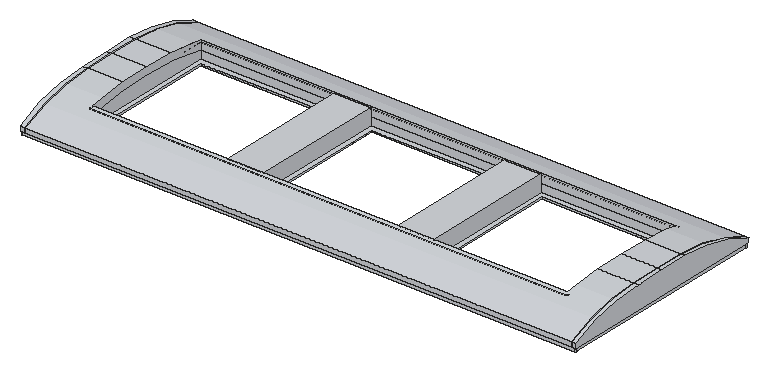
Revit family "Gira_0213733", category Electrical Fixtures, host Face, Revit 2017
Family settings
  Host = Face
  Maintain Annotation Orientation = No
  Round Connector Dimension = Use Diameter
  Part Type = Normal
  Cut with Voids When Loaded = No
  Shared = No
  Room Calculation Point = No
Parameters (values of type "Cov.fr. 3-g interm.fr. PW Gira Event Clear black")
  URL = "http://katalog.gira.de/en/datenblatt.html?artikelnr=0213733"
  Transparent = "No"
  Name = "Cov.fr. 3-g interm.fr. PW Gira Event Clear black"
  Manufacturer URL = "https://www.gira.de/"
  Manufacturer = "Gira"
  Label space/information surface = "No"
  Keynote = ""
  HeinzeBIM = "https://bimportal.heinze.de/bim/cov-fr-3-g-interm-fr-pw-gira-event-clear-black/a051367ecbaf137f4b714f5fea1902034e700dfa"
  HAN = "0213733"
  GTIN = "4010337068822"
  Description = "Cov.fr.3g i.fr.PW EvCl BK,Gira Event Clear cover frame,black with pure white glossy intermediate frame,3-gang,Features:,- Shatter-proof."
  Default Elevation = 1219.2 mm
  Data sheet (1) = "https://katalog.gira.de/en/download.html?artikelnr=0213733"
  Category = "Cover frame for domestic switching devices"
  BIM (1) = "https://media.stage.bim.site/public/gira/36a6b08/Event_Rahmen_3fach.rfa"
  Available = "No"
Reference planes
  plane 1 "Center (Front/Back)": y = 0
  plane 2: z = 0
  plane 3 "Center (Left/Right)": x = 0
Forms (mm)
  Extrusion 1, solid, detail levels fine
    sketch origin (0, 0, 0.05) x (0, 1, 0) y (0, 0, 1)
      loop
        arc (12.445, 9.683) -> (6.223, 9.833) -> (0, 9.85) r 291.636
        arc (0, 9.85) -> (-6.223, 9.833) -> (-12.445, 9.683) r 291.636
        arc (-12.445, 9.683) -> (-29.14, 7.482) -> (-45, 1.823) r 79.728
        line (-45, 1.823) -> (-45, -0.05) -> (-42.086, -0.05)
        arc (-42.086, -0.05) -> (-21.385, 5.559) -> (0, 7.206) r 114.424
        arc (0, 7.206) -> (21.385, 5.559) -> (42.086, -0.05) r 114.424
        line (42.086, -0.05) -> (45, -0.05) -> (45, 1.823)
        arc (45, 1.823) -> (29.14, 7.482) -> (12.445, 9.683) r 79.728
    from -114.3 to 114.3
  Extrusion 2, void, detail levels fine
    sketch origin (0, 0, 0) x (1, 0, 0) y (0, 1, 0)
      loop
        line (-99.355, -28.053) -> (99.355, -28.053) -> (99.355, 28.053) -> (-99.355, 28.053) -> (-99.355, -28.053)
    from 0.724 to 11
  Extrusion 3, solid, detail levels coarse
    sketch origin (0, 0, 0) x (1, 0, 0) y (0, 1, 0)
      loop
        line (-116.3, 45) -> (-116.3, -45) -> (116.3, -45) -> (116.3, 45) -> (-116.3, 45)
    from -1.5 to 9.9
  Extrusion 4, solid, detail levels medium
    sketch origin (0, 0, 0.05) x (0, 1, 0) y (0, 0, 1)
      loop
        arc (12.445, 9.683) -> (6.223, 9.833) -> (0, 9.85) r 291.636
        arc (0, 9.85) -> (-6.223, 9.833) -> (-12.445, 9.683) r 291.636
        arc (-12.445, 9.683) -> (-29.14, 7.482) -> (-45, 1.823) r 79.728
        line (-45, 1.823) -> (-45, -0.05) -> (45, -0.05) -> (45, 1.823)
        arc (45, 1.823) -> (29.14, 7.482) -> (12.445, 9.683) r 79.728
    from -116.3 to 116.3
  Extrusion 5, solid, detail levels fine
    sketch origin (-71.3, 0, -1.5) x (0, 1, 0) y (0, 0, -1)
      loop
        line (45, -3.373) -> (45, -1.5) -> (-45, -1.5) -> (-45, -3.373)
        arc (-45, -3.373) -> (-29.14, -9.032) -> (-12.445, -11.233) r 79.728
        arc (-12.445, -11.233) -> (-6.223, -11.383) -> (0, -11.4) r 291.636
        arc (0, -11.4) -> (6.223, -11.383) -> (12.445, -11.233) r 291.636
        arc (12.445, -11.233) -> (29.14, -9.032) -> (45, -3.373) r 79.728
    from 43 to 45
  Extrusion 6, solid, detail levels fine
    sketch origin (0, 0, 0) x (1, 0, 0) y (0, 1, 0)
      loop
        line (-97.195, 25.7) -> (-97.195, -25.7) -> (-45.395, -25.7) -> (-45.395, 25.7) -> (-97.195, 25.7)
      loop
        line (25.9, -25.7) -> (25.9, 25.7) -> (-25.9, 25.7) -> (-25.9, -25.7) -> (25.9, -25.7)
      loop
        line (-100.19, 28.49) -> (-100.19, -28.495)
        spline (-100.19, -28.495) -> (-100.181, -28.625) -> (-100.156, -28.754) -> (-100.113, -28.878) -> (-100.056, -28.995) -> (-99.983, -29.104) -> (-99.897, -29.202) -> (-99.798, -29.288) -> (-99.69, -29.361) -> (-99.572, -29.419) -> (-99.448, -29.461) -> (-99.32, -29.486) -> (-99.19, -29.495)
        line (-99.19, -29.495) -> (99.195, -29.495)
        spline (99.195, -29.495) -> (99.325, -29.486) -> (99.454, -29.461) -> (99.578, -29.419) -> (99.695, -29.361) -> (99.804, -29.288) -> (99.902, -29.202) -> (99.988, -29.104) -> (100.061, -28.995) -> (100.119, -28.878) -> (100.161, -28.754) -> (100.186, -28.625) -> (100.195, -28.495)
        line (100.195, -28.495) -> (100.195, 28.49)
        spline (100.195, 28.49) -> (100.186, 28.62) -> (100.161, 28.748) -> (100.119, 28.872) -> (100.061, 28.99) -> (99.988, 29.098) -> (99.902, 29.197) -> (99.804, 29.283) -> (99.695, 29.356) -> (99.578, 29.413) -> (99.454, 29.456) -> (99.325, 29.481) -> (99.195, 29.49)
        line (99.195, 29.49) -> (-99.19, 29.49)
        spline (-99.19, 29.49) -> (-99.32, 29.481) -> (-99.448, 29.456) -> (-99.572, 29.413) -> (-99.69, 29.356) -> (-99.798, 29.283) -> (-99.897, 29.197) -> (-99.983, 29.098) -> (-100.056, 28.99) -> (-100.113, 28.872) -> (-100.156, 28.748) -> (-100.181, 28.62) -> (-100.19, 28.49)
      loop
        line (97.2, -25.7) -> (97.2, 25.7) -> (45.4, 25.7) -> (45.4, -25.7) -> (97.2, -25.7)
    from 0.1 to 7.3
  Extrusion 7, solid
    sketch origin (0, 0, 0) x (1, 0, 0) y (0, 1, 0)
      loop
        arc (-116, -44.2) -> (-115.854, -44.554) -> (-115.5, -44.7) r 0.5
        line (-115.5, -44.7) -> (115.5, -44.7)
        arc (115.5, -44.7) -> (115.854, -44.554) -> (116, -44.2) r 0.5
        line (116, -44.2) -> (116, 44.2)
        arc (116, 44.2) -> (115.854, 44.554) -> (115.5, 44.7) r 0.5
        line (115.5, 44.7) -> (-115.5, 44.7)
        arc (-115.5, 44.7) -> (-115.854, 44.554) -> (-116, 44.2) r 0.5
        line (-116, 44.2) -> (-116, -44.2)
      loop
        line (-114.3, 43) -> (-114.3, -43) -> (114.3, -43) -> (114.3, 43) -> (-114.3, 43)
    from -1.5 to 0.5
  Extrusion 8, solid, detail levels fine
    sketch origin (71.3, 0, -1.5) x (0, 1, 0) y (0, 0, 1)
      loop
        arc (45, 3.373) -> (29.14, 9.032) -> (12.445, 11.233) r 79.728
        arc (12.445, 11.233) -> (6.223, 11.383) -> (0, 11.4) r 291.636
        arc (0, 11.4) -> (-6.223, 11.383) -> (-12.445, 11.233) r 291.636
        arc (-12.445, 11.233) -> (-29.14, 9.032) -> (-45, 3.373) r 79.728
        line (-45, 3.373) -> (-45, 1.5) -> (45, 1.5) -> (45, 3.373)
    from 43 to 45
  Extrusion 9, solid, detail levels medium
    sketch origin (0, 0, 0) x (1, 0, 0) y (0, 1, 0)
      loop
        line (-116, -44.7) -> (116, -44.7) -> (116, 44.7) -> (-116, 44.7) -> (-116, -44.7)
    from -1.5 to 0.5
  Extrusion 10, solid, detail levels fine
    sketch origin (-34.207, 0, 0) x (1, 0, 0) y (0, 1, 0)
      loop
        line (-8.943, 28.063) -> (-8.943, -27.937) -> (6.057, -27.937) -> (6.057, 28.063) -> (-8.943, 28.063)
    from 0.724 to 7.566
  Extrusion 11, solid, detail levels fine
    sketch origin (34.207, 0, 0) x (-1, 0, 0) y (0, -1, 0)
      loop
        line (-8.943, -28.063) -> (6.057, -28.063) -> (6.057, 27.937) -> (-8.943, 27.937) -> (-8.943, -28.063)
    from 0.724 to 7.566
Cuts and joins
  Extrusion 2 cuts Extrusion 1
  Extrusion 2 cuts Extrusion 6
Dimensions and locks
  aligned and locked: plane 2 to host face
  aligned and locked: level to host face
